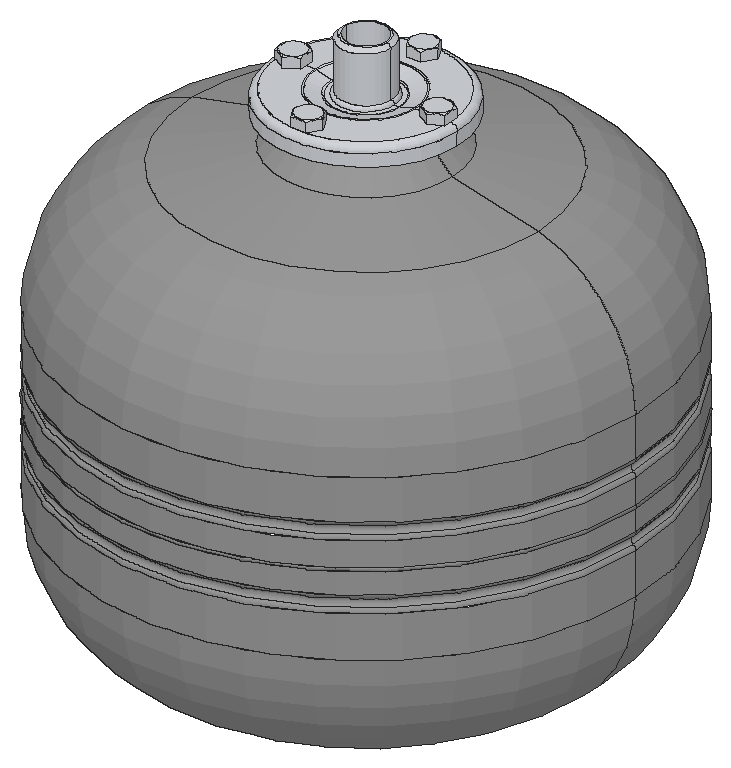
Revit family "WAV 12", category Оборудование, Revit 2014
Parameters
  Описание = "Мембранный бак для водоснабжения V=12л, Py=10бар, 3/4\""
  Материал крышки = Черная резина
  Матеарил = Синяя краска
  Масса кг = "2.1"
  Крышка [instance] = yes
  Комментарии к типоразмеру = "WAV 12"
  Изготовитель = "WESTER"  # constant formula
  URL = "http://www.wester.su/"
Reference planes
  plane 1 "По центру (Вперед/Назад)": y = 0
  plane 2: z = 0
  plane 3 "По центру (Влево/Вправо)": x = 0
  plane 4: z = 161.5
Forms (mm)
  Revolve 1, solid, material "Синяя краска" <- "Матеарил"
    sketch origin (-161.5, 0, 141.055) x (0, 0, -1) y (1, 0, 0)
      loop
        line (54.946, 301.504) -> (33.372, 301.504)
        arc (33.372, 301.504) -> (32.108, 301.194) -> (31.13, 300.336) r 2.737
        arc (31.13, 300.336) -> (29.023, 299.111) -> (26.893, 300.295) r 2.465
        arc (26.893, 300.295) -> (25.907, 301.183) -> (24.621, 301.504) r 2.741
        line (24.621, 301.504) -> (13.711, 301.504)
        arc (13.711, 301.504) -> (12.858, 301.772) -> (12.005, 301.504) r 1.491
        line (12.005, 301.504) -> (-0.61, 301.504)
        arc (-0.61, 301.504) -> (-1.897, 301.183) -> (-2.882, 300.295) r 2.741
        arc (-2.882, 300.295) -> (-5.013, 299.111) -> (-7.119, 300.336) r 2.465
        arc (-7.119, 300.336) -> (-8.098, 301.194) -> (-9.361, 301.504) r 2.737
        line (-9.361, 301.504) -> (-30.001, 301.504)
        arc (-30.001, 301.504) -> (-72.022, 287.497) -> (-97.237, 251.081) r 70.04
        arc (-97.237, 251.081) -> (-102.87, 228.789) -> (-106.868, 206.147) r 316.121
        line (-106.868, 206.147) -> (-122.443, 190.572) -> (-122.443, 161.5) -> (124.057, 161.5) -> (124.057, 168.355)
        arc (124.057, 168.355) -> (124.128, 168.929) -> (124.385, 169.448) r 1.727
        line (124.385, 169.448) -> (133.11, 181.457)
        arc (133.11, 181.457) -> (133.947, 183.297) -> (133.994, 185.319) r 5.05
        arc (133.994, 185.319) -> (129.842, 218.58) -> (122.141, 251.204) r 311.646
        arc (122.141, 251.204) -> (96.914, 287.536) -> (54.946, 301.504) r 70.032
      axis (-122.443, 161.5) -> (133.994, 161.5)
    angle from 0 to 360
  Revolve 2, solid
    sketch origin (0, 0, -5.061) x (1, 0, 0) y (0, 0, 1)
      loop
        line (0, 268.559) -> (47.492, 268.559) -> (47.492, 274.974)
        arc (47.492, 274.974) -> (46.496, 277.464) -> (44.023, 278.5) r 3.47
        line (44.023, 278.5) -> (26.157, 278.5)
        arc (26.157, 278.5) -> (25.726, 278.448) -> (25.304, 278.35) r 3.918
        line (25.304, 278.35) -> (17.835, 276.159)
        arc (17.835, 276.159) -> (17.456, 276.04) -> (17.06, 276) r 1.968
        line (17.06, 276) -> (14.531, 276)
        arc (14.531, 276) -> (14.187, 277.207) -> (13.224, 278.012) r 2.132
        line (13.224, 278.012) -> (13.224, 302.006) -> (11.23, 304) -> (10.273, 304) -> (10.273, 278.5) -> (0, 278.5) -> (0, 268.559)
      axis (0, 304) -> (0, 268.559)
    angle from 0 to 360
  Revolve 3, solid
    sketch origin (0, 0, 0) x (1, 0, 0) y (0, 0, 1)
      loop
        line (3.985, 0.986) -> (3.985, 12.498) -> (6.063, 12.498) -> (6.063, 16.998) -> (0, 16.998) -> (0, 3.844) -> (1.586, 3.844) -> (2.15, 3.281) -> (2.15, -0.002) -> (2.997, -0.002) -> (3.985, 0.986)
      axis (0, 16.998) -> (0, -0.002)
    angle from 0 to 360
  Revolve 4, solid, material "Черная резина" <- "Материал крышки", visible <- "Крышка"
    sketch origin (0, 0, 0) x (1, 0, 0) y (0, 0, 1)
      loop
        line (0, -1.16) -> (0, 16.998) -> (-6.855, 16.998) -> (-22.122, 6.308) -> (-14.655, -1.16) -> (0, -1.16)
      axis (0, 16.998) -> (0, -1.16)
    angle from 0 to 360
Dimensions and locks
  aligned and locked: level to plane 2
Nested families
  nested 1: "Болт" at (37.5, 0, 273.498) x (0, -1, 0) z (0, 0, 1), type "Болт"
  nested 2: "Болт" at (0, -37.365, 273.498), type "Болт"
  nested 3: "Болт" at (-37.5, 0, 273.498) x (0, -1, 0) z (0, 0, 1), type "Болт"
  nested 4: "Болт" at (0, 37.635, 273.498), type "Болт"
Connectors
  piping at (0, 0, 298.939), diameter 20
    settings: on Revolve 2, index 1, connector inside diameter 609.6 mm, connector length 0 mm, flow factor 0, pipe flow 0.0 L/s, pressure drop 0.0 Pa, fitting loss kfactor 0, connector angle 0.00°, fixture units 0, engagement length 0 mm, angle of deflection 0.00°, flow configuration 1, flow direction 0, fitting loss method 0, system type 29, joint type 0, gender type 0, connector reference index -1, connector utility 0, adjustable connector no, is connector primary yes, connector description ""
Definition of nested family "Болт"
  Parameters (values of type "Болт")
    Default Elevation = 1219.2 mm
  Reference planes
    plane 1 "По центру (Вперед/Назад)": y = 0
    plane 2: z = 0
    plane 3 "По центру (Влево/Вправо)": x = 0
  Forms (mm)
    Extrusion 1, solid
      sketch origin (0, 0, 0) x (1, 0, 0) y (0, 1, 0)
        loop
          line (-1219.2, 1219.2) -> (-1219.2, -1219.2) -> (1219.2, -1219.2) -> (1219.2, 1219.2) -> (-1219.2, 1219.2)
      from 0 to -304.8
    Extrusion 2, solid, detail levels medium+fine
      sketch origin (0, 0, 0) x (0, 1, 0) y (-1, 0, 0)
        loop
          line (-6.5, -3.753) -> (0, -7.506) -> (6.5, -3.753) -> (6.5, 3.753) -> (0, 7.506) -> (-6.5, 3.753) -> (-6.5, -3.753)
      from 0 to 5.3
    Extrusion 3, solid, detail levels medium+fine
      sketch origin (0, 0, 0) x (1, 0, 0) y (0, 1, 0)
        loop
          circle (0, 0) r 4
      from -14 to 0
    Revolve 4, void
      sketch origin (0, 0, 0) x (1, 0, 0) y (0, 0, 1)
        loop
          line (-7.506, 4.447) -> (-6.413, 5.3) -> (-7.506, 5.3) -> (-7.506, 4.447)
        axis (0, 5.3) -> (0, 4.3)
      angle from 0 to 360
    Revolve 5, void
      sketch origin (0, 0, 0) x (1, 0, 0) y (0, 0, 1)
        loop
          line (-4, -14) -> (-2.365, -14) -> (-4, -12.365) -> (-4, -14)
        axis (0, -12.365) -> (0, -14)
      angle from 0 to 360
  Cuts and joins
    Revolve 4 cuts Extrusion 2
    Revolve 5 cuts Extrusion 3
    joined: Extrusion 2, Extrusion 3
  Dimensions and locks
    aligned and locked: plane 2 to Extrusion 1
    aligned and locked: level to Extrusion 1
    aligned and locked: Revolve 4 sketch curve to plane 3 "По центру (Влево/Вправо)"
    aligned and locked: cut or joined group of Extrusion 2, Extrusion 3, Revolve 4, Revolve 5 to Revolve 4 sketch curve
